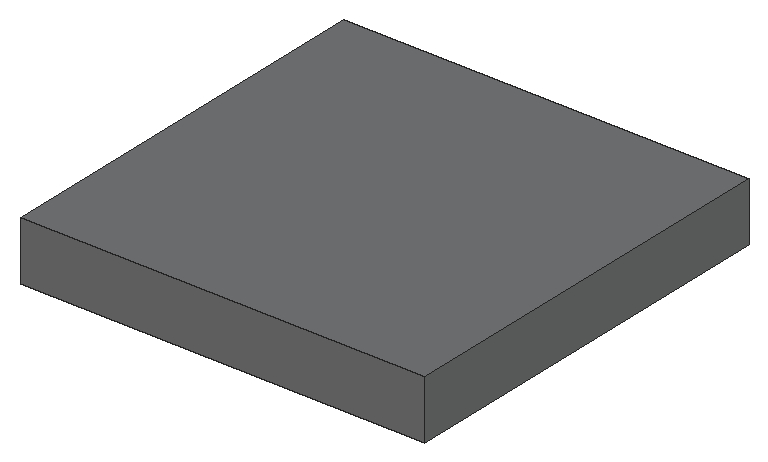
Revit family "Gira_067327", category Electrical Fixtures, host Face, Revit 2017
Family settings
  Host = Face
  Maintain Annotation Orientation = No
  Round Connector Dimension = Use Diameter
  Part Type = Normal
  Cut with Voids When Loaded = No
  Shared = No
  Room Calculation Point = No
Parameters (values of type "Rocker sym.bell + in.sp. System 55 p.white m")
  With exchangeable lens/symbol = "No"
  URL = "http://katalog.gira.de/en/datenblatt.html?artikelnr=067327"
  Suitable for touch sensor connector for bus system = "No"
  Scannable symbol / barrier free = "No"
  Name = "Rocker sym.bell + in.sp. System 55 p.white m"
  Monitoring window/light outlet = "No"
  Model = "Single rocker"
  Manufacturer URL = "https://www.gira.de/"
  Manufacturer = "Gira"
  Keynote = ""
  HeinzeBIM = "https://bimportal.heinze.de/bim/rocker-sym-bell-in-sp-system-55-p-white-m/f59aac0fab240a9d6a9445c3482a9c9aaad3a862"
  HAN = "067327"
  GTIN = "4010337673279"
  Description = "Rock.sym.bell in.sp. Sys55 PWm,Rocker with symbol and inscription space,Bell,pure white matt,"
  Default Elevation = 1219.2 mm
  Data sheet (1) = "https://katalog.gira.de/en/download.html?artikelnr=067327"
  Category = "Control element/cover plate for domestic switching devices"
  BIM (1) = "https://media.stage.bim.site/public/gira/36a6b08/Sys55_Abdeckung_Schalten und Tasten.rfa?public/gira/36a6b08/Sys55_Abdeckung_Schalten und Tasten.rfa"
  Available = "No"
  Anthrazit [instance] = Anthrazit
Reference planes
  plane 1 "Center (Front/Back)": y = 0
  plane 2: z = 0
  plane 3 "Center (Left/Right)": x = 0
Forms (mm)
  Extrusion 1, solid, material "Anthrazit" <- "Anthrazit", detail levels fine
    sketch origin (0, 0, 0) x (1, 0, 0) y (0, 1, 0)
      loop
        line (-27.5, 27.5) -> (-27.5, -27.5) -> (27.5, -27.5) -> (27.5, 27.5) -> (-27.5, 27.5)
    from 0 to 8
  Extrusion 2, void
    sketch origin (0, 0, 0) x (1, 0, 0) y (0, 1, 0)
      loop
        line (26, 26) -> (-26, 26) -> (-26, -26) -> (26, -26) -> (26, 26)
    from 0 to 6
  Extrusion 3, solid, material "Anthrazit" <- "Anthrazit", detail levels medium
    sketch origin (0, 0, 0) x (1, 0, 0) y (0, 1, 0)
      loop
        line (-27.5, 27.5) -> (-27.5, -27.5) -> (27.5, -27.5) -> (27.5, 27.5) -> (-27.5, 27.5)
    from 0 to 8
  Extrusion 4, solid, material "Anthrazit" <- "Anthrazit", detail levels medium
    sketch origin (0, 0, 0) x (1, 0, 0) y (0, 1, 0)
      loop
        line (11, -17.5) -> (11, 17.5) -> (-11, 17.5) -> (-11, -17.5) -> (11, -17.5)
    from -6 to 6
  Extrusion 5, solid, material "Anthrazit" <- "Anthrazit", detail levels fine
    sketch origin (0, 0, 0) x (1, 0, 0) y (0, 1, 0)
      loop
        line (11, 17.5) -> (-11, 17.5) -> (-11, 16.5) -> (11, 16.5) -> (11, 17.5)
      loop
        line (-11, -16.5) -> (-11, -17.5) -> (11, -17.5) -> (11, -16.5) -> (-11, -16.5)
    from -4 to 6
  Extrusion 6, solid, material "Anthrazit" <- "Anthrazit", detail levels fine
    sketch origin (0, 0, 0) x (1, 0, 0) y (0, 1, 0)
      loop
        arc (5, 9.347) -> (0, 10.6) -> (-5, 9.347) r 10.6
        line (-5, 9.347) -> (-5, -9.347)
        arc (-5, -9.347) -> (0, -10.6) -> (5, -9.347) r 10.6
        line (5, -9.347) -> (5, 9.347)
    from -6 to 6
  Extrusion 7, solid, material "Anthrazit" <- "Anthrazit", detail levels coarse
    sketch origin (0, 0, 0) x (1, 0, 0) y (0, 1, 0)
      loop
        line (-27.5, 27.5) -> (-27.5, -27.5) -> (27.5, -27.5) -> (27.5, 27.5) -> (-27.5, 27.5)
    from -6 to 8
Cuts and joins
  Extrusion 2 cuts Extrusion 1
Dimensions and locks
  aligned and locked: plane 2 to host face
  aligned and locked: level to host face
